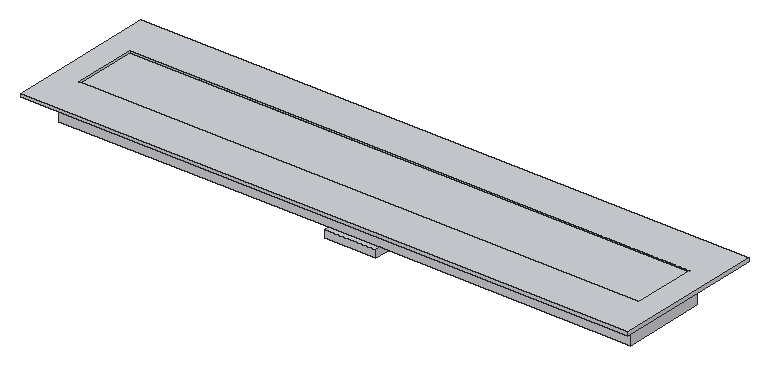
Revit family "63_PHILIPS_RC342B FLexBlend Recessed W31L125 PCV", category Lighting Fixtures, host Face, Revit 2016
Family settings
  Host = Face
  Part Type = Normal
  Round Connector Dimension = Use Diameter
  Cut with Voids When Loaded = No
  Light Source = No
  Shared = No
  Room Calculation Point = No
Parameters (values of type "Type catalog")
  Width = 309.5 mm
  Voltage (V) = 230 V
  Visibility 2D symbol [instance] = not(Visibility 2D outline)  # yes
  Visibility 2D outline [instance] = no
  Rotation XZ = 0.00°
  Rotation XY = 0.00°
  Rim height = 6 mm
  Product catalog - URL = "WEBPAGE MODEL"
  Order code = "ORDER CODE"
  Light source = 2 mm
  Light Plane to Rim ver = 90 mm
  Light Plane to Rim hor = 12 mm
  Length = 1247 mm
  Last IES update = "12-03-2019"
  Lamp type = RC342B IES Data : POE W31L125 1 xLED28S_830 MLO
  Installation space height = 150 mm
  Image = 0
  Housing Width = 171 mm
  Housing Length = 1173 mm
  Height_01 = 77 mm
  Height = 61 mm
  Fixture code = "FIXTURE CODE"
  ETIM code URL = "https://prod.etim-international.com/Class/Details?classId=EC002892&classVersion=2"
  ETIM code = "EC002892"
  Wattage Comments = ""
  URL = "http://www.lighting.philips.com/main/home"
  Type Comments = "Recessed"
  Model = "RC342B W31L125 PCV"
  Manufacturer = "Philips"
  Light loss factor = ""
  Lamp = "LAMP NAME"
  Initial luminous flux (lm) = ""
  Init. Corr. Color Temperature (K) = ""
  EOC/12nc = "12NC CODE"
  Distance to Rim ver = 80 mm
  Distance to Rim hor = (Length - Housing Length) / 2  # 37 mm
  Description = "FlexBlend"
  Default Elevation = 0 mm
  Cut out width = Width - 10 mm  # 299.5 mm
  Cut out length = Length - 10 mm  # 1237 mm
  Content version = "1.0"
  Content modified date = "25-09-2018"
  Content creation date = "25-09-2018"
  Content Creator = "https://www.cadac.com/bimcontent"
  Ceiling thickness = 12.5 mm
  BIM Library - URL = "http://www.lighting.philips.com/main/support/support/revit-library#page=1"
  Assembly Code = ""
  Apparent Load = 18 VA
Reference planes
  plane 1 "Center (Front/Back)": y = 0
  plane 2: z = 0
  plane 3 "Center (Left/Right)": x = 0
  plane 4 "Cadac Group AEC": y = 0
  plane 5 "left": x = -623.5
  plane 6 "right": x = 623.5
  plane 7 "front": y = -154.75
  plane 8 "back": y = 154.75
  plane 9 "Height Line": z = -55
  plane 10: z = 6
  plane 11: z = -162.5
  plane 12: z = -12.5
  plane 13: z = -71
  plane 14 "Light source": z = 8
Forms (mm)
  Extrusion 1, void
    sketch origin (0, 0, 0) x (1, 0, 0) y (0, 1, 0)
      loop
        line (-618.5, 149.75) -> (-618.5, -149.75) -> (618.5, -149.75) -> (618.5, 149.75) -> (-618.5, 149.75)
    from -162.5 to 0
  Extrusion 2, solid
    sketch origin (0, 0, 0) x (1, 0, 0) y (0, 1, 0)
      loop
        line (-623.5, 154.75) -> (-623.5, -154.75) -> (623.5, -154.75) -> (623.5, 154.75) -> (-623.5, 154.75)
    from 0 to 6
  Extrusion 3, solid
    sketch origin (0, 0, 0) x (1, 0, 0) y (0, 1, 0)
      loop
        line (-586.5, 70) -> (-586.5, -101) -> (586.5, -101) -> (586.5, 70) -> (-586.5, 70)
    from -55 to 0
  Extrusion 4, solid
    sketch origin (0, 0, 0) x (1, 0, 0) y (0, 1, 0)
      loop
        line (-33.388, -111.213) -> (71.612, -111.213) -> (71.612, -66.213) -> (-33.388, -66.213) -> (-33.388, -111.213)
    from -71 to -55
  Extrusion 5, void
    sketch origin (0, 0, 0) x (1, 0, 0) y (0, 1, 0)
      loop
        line (-574.5, 64.75) -> (-574.5, -64.75) -> (574.5, -64.75) -> (574.5, 64.75) -> (-574.5, 64.75)
    from 3 to 6
Cuts and joins
  Extrusion 5 cuts Extrusion 2
  Extrusion 5 cuts Extrusion 3
  joined: Extrusion 2, Extrusion 3, Extrusion 4
Dimensions and locks
  equal spacing: plane 8 "back", plane 1 "Center (Front/Back)", plane 7 "front"
  "Width": plane 7 "front" to plane 8 "back"
  "Height": plane 9 "Height Line" to plane 10
  "Rim height": host face to plane 10
  "Ceiling thickness": plane 12 to plane 2
  equal spacing: plane 5 "left", plane 3 "Center (Left/Right)", plane 6 "right"
  "Length": plane 5 "left" to plane 6 "right"
  "Cut out length": Extrusion 1 sketch curve to Extrusion 1 sketch curve
  equal spacing: Extrusion 1 sketch curve, plane 3 "Center (Left/Right)", Extrusion 1 sketch curve
  "Cut out width": Extrusion 1 sketch curve to Extrusion 1 sketch curve
  equal spacing: Extrusion 1 sketch curve, plane 1 "Center (Front/Back)", Extrusion 1 sketch curve
  "Installation space height": plane 12 to plane 11
  "Height_01": plane 13 to plane 10
  "Housing Width": Extrusion 3 sketch curve to Extrusion 3 sketch curve
  "Housing Length": Extrusion 3 sketch curve to Extrusion 3 sketch curve
  "Distance to Rim ver": nested 2 to Extrusion 3 sketch curve
  "Distance to Rim hor": Extrusion 3 sketch curve to Extrusion 2
  plane 3 "Center (Left/Right)" to Extrusion 4 = 71.612 mm
  "Light Plane to Rim hor": Extrusion 3 to Extrusion 5 sketch curve
  "Light Plane to Rim hor": Extrusion 5 sketch curve to Extrusion 3
  "Light Plane to Rim ver": Extrusion 5 sketch curve to Extrusion 2  (x2)
  "Light source": plane 14 "Light source" to cut or joined group of Extrusion 2, Extrusion 3, Extrusion 4, Extrusion 5
  aligned and locked: plane 2 to host face
  aligned and locked: level to host face
  aligned and locked: plane 4 "Cadac Group AEC" to plane 1 "Center (Front/Back)"
  aligned and locked: Extrusion 1 to plane 11
  aligned and locked: Extrusion 2 sketch curve to nested 2  (x4)
  aligned and locked: Extrusion 2 to plane 10
  aligned and locked: Extrusion 2 to level
  aligned and locked: Extrusion 3 to plane 9 "Height Line"
  aligned and locked: level to Extrusion 3
  aligned and locked: Extrusion 4 to plane 9 "Height Line"
Automatic sketch dimensions
  host sketch curve to host sketch curve = 1964.214 mm
  host sketch curve to host sketch curve = 857.588 mm
  Extrusion 4 sketch curve to plane 3 "Center (Left/Right)" = 33.388 mm
  plane 3 "Center (Left/Right)" to Extrusion 4 sketch curve = 71.612 mm
  Extrusion 4 sketch curve to plane 7 "front" = 43.537 mm
  Extrusion 4 sketch curve to Extrusion 4 sketch curve = 45 mm
Nested families
  nested 1: "PL-TL armatuur plafond rechthoekig" at (0, 0, 0), l1 <- "Length", visible <- "Visibility 2D symbol", type "armatuur tl_generiek"
    with lengte 300 mm, l1 1247 mm
  nested 2: "2D-PL-Rechthoekig" at (0, 0, 0), Width <- "Width", lengte <- "Length", visible <- "Visibility 2D outline", type "2D symbool"
    with lengte 1247 mm, Width 309.5 mm
  nested 3: "RC342B IES Data" at (0, 0, 8) x (1, 0, 0) z (0, 0, -1), type <- "Lamp type", type "POE W31L125 1 xLED28S_830 MLO"
Connectors
  electrical at (0, 0, 0), driven by "Apparent Load"
    settings: index 1, voltage 230 V, apparent load 0 VA, apparent load phase1 18 VA, apparent load phase2 0 VA, apparent load phase3 0 VA, power factor 1, load classification "Lighting", number of poles 1, system type 31, power factor state 1, is connector primary yes, connector utility no, sub classification motor no, connector description ""
Definition of nested family "PL-TL armatuur plafond rechthoekig"
  Parameters (values of type "armatuur tl_generiek")
    radius cirkel = 75 mm
    lengte [instance] = 1200 mm
    l1 [instance] = 1200 mm
    b2 = b1 * 2  # 100 mm
    b1 = 50 mm
    Type Comments = "GEEN CALCULATIEOBJECT"  # constant formula
    Manufacturer = ""
    Length lines in cirkel = (radius cirkel * 2) - 70 mm  # 80 mm
    Description = "Armatuur TL"
    Copyright © Cadac = "www.cadac.com/aec"
    Cadac content versie = "3.2"  # constant formula
    Assembly Code = ""
  Types (2, lengths in mm): name | radius cirkel | b2 | b1 | Length lines in cirkel
    armatuur tl_generiek | 75 | 100 | 50 | 80
    armatuur tl | 125 | 200 | 100 | 180
  Reference planes
    plane 1 "Center (Front/Back)": y = 0
    plane 2: z = 0
    plane 3 "Center (Left/Right)": x = 0
    plane 4: y = 50
    plane 5: y = -50
    plane 6: y = 176.777
    plane 7: x = -40
    plane 8: x = 40
    plane 9: y = -176.777
    plane 10 "Cadac Group AEC": y = 0
    plane 11: y = 400
    plane 12: y = -191.421
    plane 13: y = -206.066
    plane 14: y = -220.711
    plane 15: y = -235.355
  Lines and regions (mm)
    symbolic lines
      curve 1: circle (0, 0, 0) r 75 normal (0, 0, 1)
      curve 2: line (600, 50, 0) -> (600, -50, 0)
      curve 3: line (600, -8.333, 0) -> (74.536, -8.333, 0)
      curve 4: line (600, 8.333, 0) -> (74.536, 8.333, 0)
      curve 5: line (600, 25, 0) -> (70.711, 25, 0)
      curve 6: line (600, -25, 0) -> (70.711, -25, 0)
      curve 7: line (-600, 50, 0) -> (-600, -50, 0)
      curve 8: line (-600, -8.333, 0) -> (-74.536, -8.333, 0)
      curve 9: line (-600, 8.333, 0) -> (-74.536, 8.333, 0)
      curve 10: line (-600, 25, 0) -> (-70.711, 25, 0)
      curve 11: line (-600, -25, 0) -> (-70.711, -25, 0)
      curve 12: line (-40, 63.443, 0) -> (40, -63.443, 0)
      curve 13: line (-40, -63.443, 0) -> (40, 63.443, 0)
  Dimensions and locks
    equal spacing: curve 7, plane 3 "Center (Left/Right)", curve 2
    "l1": curve 7 to curve 2
    equal spacing: plane 5, plane 1 "Center (Front/Back)", plane 4
    equal spacing: curve 5, curve 4, curve 3, curve 6
    equal spacing: curve 5, plane 1 "Center (Front/Back)", curve 6
    "b1": curve 5 to curve 6
    equal spacing: curve 11, curve 8, curve 9, curve 10
    equal spacing: curve 11, plane 1 "Center (Front/Back)", curve 10
    "b1": curve 11 to curve 10
    "Length lines in cirkel": plane 7 to plane 8
    locked: plane 6 to plane 9 at 353.553
    equal spacing: plane 7, plane 3 "Center (Left/Right)", plane 8
    equal spacing: plane 6, plane 1 "Center (Front/Back)", plane 9
    locked: plane 1 "Center (Front/Back)" to plane 11 at 400
    equal spacing: plane 9, plane 12, plane 13, plane 14, plane 15
    locked: plane 9 to plane 15 at 58.579
    "b2": plane 5 to plane 4
    "radius cirkel": radius of curve 1
    aligned and locked: plane 4 to curve 7
    aligned and locked: plane 4 to curve 2
    aligned and locked: plane 5 to curve 2
    aligned and locked: plane 5 to curve 7
    aligned and locked: plane 10 "Cadac Group AEC" to plane 1 "Center (Front/Back)"
    aligned and locked: plane 7 to curve 12
    aligned and locked: plane 7 to curve 13
    aligned and locked: plane 8 to curve 13
    aligned and locked: plane 8 to curve 12
  Automatic sketch dimensions
    plane 1 "Center (Front/Back)" to curve 1 = 0 mm
    curve 1 to plane 3 "Center (Left/Right)" = 0 mm
Definition of nested family "2D-PL-Rechthoekig"
  Parameters (values of type "2D symbool")
    lengte [instance] = 1200 mm
    Width [instance] = 100 mm
    Type Comments = "GEEN CALCULATIEOBJECT"
    Manufacturer = ""
    Description = "Armatuur 2D symbool"
    Copyright © Cadac = "www.cadac.com/aec"
    Cadac content versie = ""
    Assembly Code = ""
  Reference planes
    plane 1 "Center (Front/Back)": y = 0
    plane 2: z = 0
    plane 3 "Center (Left/Right)": x = 0
    plane 4: y = 150
    plane 5: y = -150
    plane 6: y = 176.777
    plane 7: x = -176.777
    plane 8: x = 176.777
    plane 9: y = -176.777
    plane 10 "Cadac Group AEC": y = 0
    plane 11: y = 400
    plane 12: y = -191.421
    plane 13: y = -206.066
    plane 14: y = -220.711
    plane 15: y = -235.355
  Lines and regions (mm)
    symbolic lines
      curve 1: line (600, 50, 0) -> (600, -50, 0)
      curve 2: line (-600, 50, 0) -> (-600, -50, 0)
      curve 3: line (-600, 50, 0) -> (600, 50, 0)
      curve 4: line (-600, -50, 0) -> (600, -50, 0)
  Dimensions and locks
    equal spacing: curve 2, plane 3 "Center (Left/Right)", curve 1
    "lengte": curve 2 to curve 1
    equal spacing: plane 5, plane 1 "Center (Front/Back)", plane 4
    locked: plane 4 to plane 5 at 300
    equal spacing: curve 4, plane 1 "Center (Front/Back)", curve 3
    "Width": curve 4 to curve 3
    locked: plane 7 to plane 8 at 353.553
    locked: plane 6 to plane 9 at 353.553
    equal spacing: plane 7, plane 3 "Center (Left/Right)", plane 8
    equal spacing: plane 6, plane 1 "Center (Front/Back)", plane 9
    locked: plane 1 "Center (Front/Back)" to plane 11 at 400
    equal spacing: plane 9, plane 12, plane 13, plane 14, plane 15
    locked: plane 9 to plane 15 at 58.579
    aligned and locked: plane 10 "Cadac Group AEC" to plane 1 "Center (Front/Back)"
Definition of nested family "RC342B IES Data"
  Parameters (values of type "PSU W31L125 1 xLED42S_840 PCS")
    Wattage = 29.5 W
    built-in parameter 1150110 = 1 (stored number, unit not read)
    built-in parameter 1114217 = 1 (stored number, unit not read)
    Tilt Angle = 90.00°
    built-in parameter 1150109 = 1 (stored number, unit not read)
    built-in parameter 1150134 = 12
    built-in parameter 1150113 = 1 (stored number, unit not read)
    Photometric Web File = "RC342B PSU W31L125 1 xLED42S_840 PCS.ies"
    Model = "RC342B"
    Manufacturer = "Philips"
    built-in parameter 1150105 = 334.23 (stored number, unit not read)
    Lumens = 4200 lm
    built-in parameter 1150115 = 1 (stored number, unit not read)
    built-in parameter 1150137 = (empty or 0)
    built-in parameter 1150139 = (empty or 0)
    built-in parameter 1150112 = 1 (stored number, unit not read)
    built-in parameter 1150114 = 1 (stored number, unit not read)
    Lamp = "LED42S/840/-"
    built-in parameter 1150132 = (empty or 0)
    built-in parameter 1150102 = (empty or 0)
    built-in parameter 1150107 = 4000 (stored number, unit not read)
    built-in parameter 1150138 = (empty or 0)
    built-in parameter 1150106 = 3.3423 (stored number, unit not read)
    Emit from Rectangle Width = 117 mm
    Emit from Rectangle Length = 1120 mm
    Emit Shape Visible in Rendering = no
    built-in parameter 1150104 = 13.227 (stored number, unit not read)
    Dimming Lamp Color Temperature Shift = (empty or 0)
    Description = ""
    Default Elevation = 0 mm
    Content Creator = "https://www.cadac.com/bimcontent"
    Color Filter = 16777215
    built-in parameter 1114218 = 1 (stored number, unit not read)
    built-in parameter 1150133 = 10 (stored number, unit not read)
    Apparent Load = 29.5 VA
  Types (54, lengths in mm): name | Wattage | built-in parameter 1150134 | Photometric Web File | built-in parameter 1150105 | Lumens | Lamp | built-in parameter 1150107 | built-in parameter 1150106 | built-in parameter 1150104 | Apparent Load
    PSU W31L125 1 xLED42S_840 PCS | 29.5 W | 12 | "RC342B PSU W31L125 1 xLED42S_840 PCS.ies" | 334.23 (stored number, unit not read) | 4200 lm | "LED42S/840/-" | 4000 (stored number, unit not read) | 3.3423 (stored number, unit not read) | 13.227 (stored number, unit not read) | 29.5 VA
    PSU W31L125 1 xLED42S_840 O | 33 W | 12 | "RC342B PSU W31L125 1 xLED42S_840 O.ies" | 334.23 (stored number, unit not read) | 4200 lm | "LED42S/840/-" | 4000 (stored number, unit not read) | 3.3423 (stored number, unit not read) | 11.824 (stored number, unit not read) | 33 VA
    PSU W31L125 1 xLED42S_840 MLO | 44 W | 12 | "RC342B PSU W31L125 1 xLED42S_840 MLO.ies" | 334.23 (stored number, unit not read) | 4200 lm | "LED42S/840/-" | 4000 (stored number, unit not read) | 3.3423 (stored number, unit not read) | 8.868 (stored number, unit not read) | 44 VA
    PSU W31L125 1 xLED42S_830 PCS | 31 W | (empty or 0) | "RC342B PSU W31L125 1 xLED42S_830 PCS.ies" | 334.23 (stored number, unit not read) | 4200 lm | "LED42S/830/-" | 3000 (stored number, unit not read) | 3.3423 (stored number, unit not read) | 12.587 (stored number, unit not read) | 31 VA
    PSU W31L125 1 xLED42S_830 O | 35.5 W | (empty or 0) | "RC342B PSU W31L125 1 xLED42S_830 O.ies" | 334.23 (stored number, unit not read) | 4200 lm | "LED42S/830/-" | 3000 (stored number, unit not read) | 3.3423 (stored number, unit not read) | 10.991 (stored number, unit not read) | 35.5 VA
    PSU W31L125 1 xLED42S_830 MLO | 47.5 W | (empty or 0) | "RC342B PSU W31L125 1 xLED42S_830 MLO.ies" | 334.23 (stored number, unit not read) | 4200 lm | "LED42S/830/-" | 3000 (stored number, unit not read) | 3.3423 (stored number, unit not read) | 8.2146 (stored number, unit not read) | 47.5 VA
    PSU W31L125 1 xLED36S_840 PCS | 25 W | 12 | "RC342B PSU W31L125 1 xLED36S_840 PCS.ies" | 286.48 (stored number, unit not read) | 3600 lm | "LED36S/840/-" | 4000 (stored number, unit not read) | 2.8648 (stored number, unit not read) | 13.378 (stored number, unit not read) | 25 VA
    PSU W31L125 1 xLED36S_840 O | 28.5 W | 12 | "RC342B PSU W31L125 1 xLED36S_840 O.ies" | 286.48 (stored number, unit not read) | 3600 lm | "LED36S/840/-" | 4000 (stored number, unit not read) | 2.8648 (stored number, unit not read) | 11.735 (stored number, unit not read) | 28.5 VA
    PSU W31L125 1 xLED36S_840 MLO | 36 W | 12 | "RC342B PSU W31L125 1 xLED36S_840 MLO.ies" | 286.48 (stored number, unit not read) | 3600 lm | "LED36S/840/-" | 4000 (stored number, unit not read) | 2.8648 (stored number, unit not read) | 9.2903 (stored number, unit not read) | 36 VA
    PSU W31L125 1 xLED36S_830 PCS | 26.5 W | (empty or 0) | "RC342B PSU W31L125 1 xLED36S_830 PCS.ies" | 286.48 (stored number, unit not read) | 3600 lm | "LED36S/830/-" | 3000 (stored number, unit not read) | 2.8648 (stored number, unit not read) | 12.621 (stored number, unit not read) | 26.5 VA
    PSU W31L125 1 xLED36S_830 O | 30 W | (empty or 0) | "RC342B PSU W31L125 1 xLED36S_830 O.ies" | 286.48 (stored number, unit not read) | 3600 lm | "LED36S/830/-" | 3000 (stored number, unit not read) | 2.8648 (stored number, unit not read) | 11.148 (stored number, unit not read) | 30 VA
    PSU W31L125 1 xLED36S_830 MLO | 38.5 W | (empty or 0) | "RC342B PSU W31L125 1 xLED36S_830 MLO.ies" | 286.48 (stored number, unit not read) | 3600 lm | "LED36S/830/-" | 3000 (stored number, unit not read) | 2.8648 (stored number, unit not read) | 8.687 (stored number, unit not read) | 38.5 VA
    PSU W31L125 1 xLED28S_840 PCS | 20 W | 12 | "RC342B PSU W31L125 1 xLED28S_840 PCS.ies" | 222.82 (stored number, unit not read) | 2800 lm | "LED28S/840/-" | 4000 (stored number, unit not read) | 2.2282 (stored number, unit not read) | 13.006 (stored number, unit not read) | 20 VA
    PSU W31L125 1 xLED28S_840 O | 22 W | 12 | "RC342B PSU W31L125 1 xLED28S_840 O.ies" | 222.82 (stored number, unit not read) | 2800 lm | "LED28S/840/-" | 4000 (stored number, unit not read) | 2.2282 (stored number, unit not read) | 11.824 (stored number, unit not read) | 22 VA
    PSU W31L125 1 xLED28S_840 MLO | 28 W | 12 | "RC342B PSU W31L125 1 xLED28S_840 MLO.ies" | 222.82 (stored number, unit not read) | 2800 lm | "LED28S/840/-" | 4000 (stored number, unit not read) | 2.2282 (stored number, unit not read) | 9.2903 (stored number, unit not read) | 28 VA
    PSU W31L125 1 xLED28S_830 PCS | 21 W | (empty or 0) | "RC342B PSU W31L125 1 xLED28S_830 PCS.ies" | 222.82 (stored number, unit not read) | 2800 lm | "LED28S/830/-" | 3000 (stored number, unit not read) | 2.2282 (stored number, unit not read) | 12.387 (stored number, unit not read) | 21 VA
    PSU W31L125 1 xLED28S_830 O | 22.5 W | (empty or 0) | "RC342B PSU W31L125 1 xLED28S_830 O.ies" | 222.82 (stored number, unit not read) | 2800 lm | "LED28S/830/-" | 3000 (stored number, unit not read) | 2.2282 (stored number, unit not read) | 11.561 (stored number, unit not read) | 22.5 VA
    PSU W31L125 1 xLED28S_830 MLO | 29 W | (empty or 0) | "RC342B PSU W31L125 1 xLED28S_830 MLO.ies" | 222.82 (stored number, unit not read) | 2800 lm | "LED28S/830/-" | 3000 (stored number, unit not read) | 2.2282 (stored number, unit not read) | 8.9699 (stored number, unit not read) | 29 VA
    PSD W31L125 1 xLED42S_840 PCS | 30 W | 12 | "RC342B PSD W31L125 1 xLED42S_840 PCS.ies" | 334.23 (stored number, unit not read) | 4200 lm | "LED42S/840/-" | 4000 (stored number, unit not read) | 3.3423 (stored number, unit not read) | 13.006 (stored number, unit not read) | 30 VA
    PSD W31L125 1 xLED42S_840 O | 34 W | 12 | "RC342B PSD W31L125 1 xLED42S_840 O.ies" | 334.23 (stored number, unit not read) | 4200 lm | "LED42S/840/-" | 4000 (stored number, unit not read) | 3.3423 (stored number, unit not read) | 11.476 (stored number, unit not read) | 34 VA
    PSD W31L125 1 xLED42S_840 MLO | 44.5 W | 12 | "RC342B PSD W31L125 1 xLED42S_840 MLO.ies" | 334.23 (stored number, unit not read) | 4200 lm | "LED42S/840/-" | 4000 (stored number, unit not read) | 3.3423 (stored number, unit not read) | 8.7684 (stored number, unit not read) | 44.5 VA
    PSD W31L125 1 xLED42S_830 PCS | 31 W | (empty or 0) | "RC342B PSD W31L125 1 xLED42S_830 PCS.ies" | 334.23 (stored number, unit not read) | 4200 lm | "LED42S/830/-" | 3000 (stored number, unit not read) | 3.3423 (stored number, unit not read) | 12.587 (stored number, unit not read) | 31 VA
    PSD W31L125 1 xLED42S_830 O | 36 W | (empty or 0) | "RC342B PSD W31L125 1 xLED42S_830 O.ies" | 334.23 (stored number, unit not read) | 4200 lm | "LED42S/830/-" | 3000 (stored number, unit not read) | 3.3423 (stored number, unit not read) | 10.839 (stored number, unit not read) | 36 VA
    PSD W31L125 1 xLED42S_830 MLO | 47.5 W | (empty or 0) | "RC342B PSD W31L125 1 xLED42S_830 MLO.ies" | 334.23 (stored number, unit not read) | 4200 lm | "LED42S/830/-" | 3000 (stored number, unit not read) | 3.3423 (stored number, unit not read) | 8.2146 (stored number, unit not read) | 47.5 VA
    PSD W31L125 1 xLED36S_840 PCS | 25 W | 12 | "RC342B PSD W31L125 1 xLED36S_840 PCS.ies" | 286.48 (stored number, unit not read) | 3600 lm | "LED36S/840/-" | 4000 (stored number, unit not read) | 2.8648 (stored number, unit not read) | 13.378 (stored number, unit not read) | 25 VA
    PSD W31L125 1 xLED36S_840 O | 29 W | 12 | "RC342B PSD W31L125 1 xLED36S_840 O.ies" | 286.48 (stored number, unit not read) | 3600 lm | "LED36S/840/-" | 4000 (stored number, unit not read) | 2.8648 (stored number, unit not read) | 11.533 (stored number, unit not read) | 29 VA
    PSD W31L125 1 xLED36S_840 MLO | 37 W | 12 | "RC342B PSD W31L125 1 xLED36S_840 MLO.ies" | 286.48 (stored number, unit not read) | 3600 lm | "LED36S/840/-" | 4000 (stored number, unit not read) | 2.8648 (stored number, unit not read) | 9.0392 (stored number, unit not read) | 37 VA
    PSD W31L125 1 xLED36S_830 PCS | 26.5 W | (empty or 0) | "RC342B PSD W31L125 1 xLED36S_830 PCS.ies" | 286.48 (stored number, unit not read) | 3600 lm | "LED36S/830/-" | 3000 (stored number, unit not read) | 2.8648 (stored number, unit not read) | 12.621 (stored number, unit not read) | 26.5 VA
    PSD W31L125 1 xLED36S_830 O | 30.5 W | (empty or 0) | "RC342B PSD W31L125 1 xLED36S_830 O.ies" | 286.48 (stored number, unit not read) | 3600 lm | "LED36S/830/-" | 3000 (stored number, unit not read) | 2.8648 (stored number, unit not read) | 10.966 (stored number, unit not read) | 30.5 VA
    PSD W31L125 1 xLED36S_830 MLO | 39 W | (empty or 0) | "RC342B PSD W31L125 1 xLED36S_830 MLO.ies" | 286.48 (stored number, unit not read) | 3600 lm | "LED36S/830/-" | 3000 (stored number, unit not read) | 2.8648 (stored number, unit not read) | 8.5757 (stored number, unit not read) | 39 VA
    PSD W31L125 1 xLED28S_840 PCS | 20 W | 12 | "RC342B PSD W31L125 1 xLED28S_840 PCS.ies" | 222.82 (stored number, unit not read) | 2800 lm | "LED28S/840/-" | 4000 (stored number, unit not read) | 2.2282 (stored number, unit not read) | 13.006 (stored number, unit not read) | 20 VA
    PSD W31L125 1 xLED28S_840 O | 22.5 W | 12 | "RC342B PSD W31L125 1 xLED28S_840 O.ies" | 222.82 (stored number, unit not read) | 2800 lm | "LED28S/840/-" | 4000 (stored number, unit not read) | 2.2282 (stored number, unit not read) | 11.561 (stored number, unit not read) | 22.5 VA
    PSD W31L125 1 xLED28S_840 MLO | 28 W | 12 | "RC342B PSD W31L125 1 xLED28S_840 MLO.ies" | 222.82 (stored number, unit not read) | 2800 lm | "LED28S/840/-" | 4000 (stored number, unit not read) | 2.2282 (stored number, unit not read) | 9.2903 (stored number, unit not read) | 28 VA
    PSD W31L125 1 xLED28S_830 PCS | 20.5 W | (empty or 0) | "RC342B PSD W31L125 1 xLED28S_830 PCS.ies" | 222.82 (stored number, unit not read) | 2800 lm | "LED28S/830/-" | 3000 (stored number, unit not read) | 2.2282 (stored number, unit not read) | 12.689 (stored number, unit not read) | 20.5 VA
    PSD W31L125 1 xLED28S_830 O | 23.5 W | (empty or 0) | "RC342B PSD W31L125 1 xLED28S_830 O.ies" | 222.82 (stored number, unit not read) | 2800 lm | "LED28S/830/-" | 3000 (stored number, unit not read) | 2.2282 (stored number, unit not read) | 11.069 (stored number, unit not read) | 23.5 VA
    PSD W31L125 1 xLED28S_830 MLO | 29.5 W | (empty or 0) | "RC342B PSD W31L125 1 xLED28S_830 MLO.ies" | 222.82 (stored number, unit not read) | 2800 lm | "LED28S/830/-" | 3000 (stored number, unit not read) | 2.2282 (stored number, unit not read) | 8.8179 (stored number, unit not read) | 29.5 VA
    POE W31L125 1 xLED42S_840 PCS | 30 W | 12 | "RC342B POE W31L125 1 xLED42S_840 PCS.ies" | 334.23 (stored number, unit not read) | 4200 lm | "LED42S/840/-" | 4000 (stored number, unit not read) | 3.3423 (stored number, unit not read) | 13.006 (stored number, unit not read) | 30 VA
    POE W31L125 1 xLED42S_840 O | 34 W | 12 | "RC342B POE W31L125 1 xLED42S_840 O.ies" | 334.23 (stored number, unit not read) | 4200 lm | "LED42S/840/-" | 4000 (stored number, unit not read) | 3.3423 (stored number, unit not read) | 11.476 (stored number, unit not read) | 34 VA
    POE W31L125 1 xLED42S_840 MLO | 44.5 W | 12 | "RC342B POE W31L125 1 xLED42S_840 MLO.ies" | 334.23 (stored number, unit not read) | 4200 lm | "LED42S/840/-" | 4000 (stored number, unit not read) | 3.3423 (stored number, unit not read) | 8.7684 (stored number, unit not read) | 44.5 VA
    POE W31L125 1 xLED42S_830 PCS | 31 W | (empty or 0) | "RC342B POE W31L125 1 xLED42S_830 PCS.ies" | 334.23 (stored number, unit not read) | 4200 lm | "LED42S/830/-" | 3000 (stored number, unit not read) | 3.3423 (stored number, unit not read) | 12.587 (stored number, unit not read) | 31 VA
    POE W31L125 1 xLED42S_830 O | 36 W | (empty or 0) | "RC342B POE W31L125 1 xLED42S_830 O.ies" | 334.23 (stored number, unit not read) | 4200 lm | "LED42S/830/-" | 3000 (stored number, unit not read) | 3.3423 (stored number, unit not read) | 10.839 (stored number, unit not read) | 36 VA
    POE W31L125 1 xLED42S_830 MLO | 47.5 W | (empty or 0) | "RC342B POE W31L125 1 xLED42S_830 MLO.ies" | 334.23 (stored number, unit not read) | 4200 lm | "LED42S/830/-" | 3000 (stored number, unit not read) | 3.3423 (stored number, unit not read) | 8.2146 (stored number, unit not read) | 47.5 VA
    POE W31L125 1 xLED36S_840 PCS | 25 W | 12 | "RC342B POE W31L125 1 xLED36S_840 PCS.ies" | 286.48 (stored number, unit not read) | 3600 lm | "LED36S/840/-" | 4000 (stored number, unit not read) | 2.8648 (stored number, unit not read) | 13.378 (stored number, unit not read) | 25 VA
    POE W31L125 1 xLED36S_840 O | 29 W | 12 | "RC342B POE W31L125 1 xLED36S_840 O.ies" | 286.48 (stored number, unit not read) | 3600 lm | "LED36S/840/-" | 4000 (stored number, unit not read) | 2.8648 (stored number, unit not read) | 11.533 (stored number, unit not read) | 29 VA
    POE W31L125 1 xLED36S_840 MLO | 37 W | 12 | "RC342B POE W31L125 1 xLED36S_840 MLO.ies" | 286.48 (stored number, unit not read) | 3600 lm | "LED36S/840/-" | 4000 (stored number, unit not read) | 2.8648 (stored number, unit not read) | 9.0392 (stored number, unit not read) | 37 VA
    POE W31L125 1 xLED36S_830 PCS | 26.5 W | (empty or 0) | "RC342B POE W31L125 1 xLED36S_830 PCS.ies" | 286.48 (stored number, unit not read) | 3600 lm | "LED36S/830/-" | 3000 (stored number, unit not read) | 2.8648 (stored number, unit not read) | 12.621 (stored number, unit not read) | 26.5 VA
    POE W31L125 1 xLED36S_830 O | 30.5 W | (empty or 0) | "RC342B POE W31L125 1 xLED36S_830 O.ies" | 286.48 (stored number, unit not read) | 3600 lm | "LED36S/830/-" | 3000 (stored number, unit not read) | 2.8648 (stored number, unit not read) | 10.966 (stored number, unit not read) | 30.5 VA
    POE W31L125 1 xLED36S_830 MLO | 39 W | (empty or 0) | "RC342B POE W31L125 1 xLED36S_830 MLO.ies" | 286.48 (stored number, unit not read) | 3600 lm | "LED36S/830/-" | 3000 (stored number, unit not read) | 2.8648 (stored number, unit not read) | 8.5757 (stored number, unit not read) | 39 VA
    POE W31L125 1 xLED28S_840 PCS | 20 W | 12 | "RC342B POE W31L125 1 xLED28S_840 PCS.ies" | 222.82 (stored number, unit not read) | 2800 lm | "LED28S/840/-" | 4000 (stored number, unit not read) | 2.2282 (stored number, unit not read) | 13.006 (stored number, unit not read) | 20 VA
    POE W31L125 1 xLED28S_840 O | 22.5 W | 12 | "RC342B POE W31L125 1 xLED28S_840 O.ies" | 222.82 (stored number, unit not read) | 2800 lm | "LED28S/840/-" | 4000 (stored number, unit not read) | 2.2282 (stored number, unit not read) | 11.561 (stored number, unit not read) | 22.5 VA
    POE W31L125 1 xLED28S_840 MLO | 28 W | 12 | "RC342B POE W31L125 1 xLED28S_840 MLO.ies" | 222.82 (stored number, unit not read) | 2800 lm | "LED28S/840/-" | 4000 (stored number, unit not read) | 2.2282 (stored number, unit not read) | 9.2903 (stored number, unit not read) | 28 VA
    POE W31L125 1 xLED28S_830 PCS | 20.5 W | (empty or 0) | "RC342B POE W31L125 1 xLED28S_830 PCS.ies" | 222.82 (stored number, unit not read) | 2800 lm | "LED28S/830/-" | 3000 (stored number, unit not read) | 2.2282 (stored number, unit not read) | 12.689 (stored number, unit not read) | 20.5 VA
    POE W31L125 1 xLED28S_830 O | 23.5 W | (empty or 0) | "RC342B POE W31L125 1 xLED28S_830 O.ies" | 222.82 (stored number, unit not read) | 2800 lm | "LED28S/830/-" | 3000 (stored number, unit not read) | 2.2282 (stored number, unit not read) | 11.069 (stored number, unit not read) | 23.5 VA
    POE W31L125 1 xLED28S_830 MLO | 29.5 W | (empty or 0) | "RC342B POE W31L125 1 xLED28S_830 MLO.ies" | 222.82 (stored number, unit not read) | 2800 lm | "LED28S/830/-" | 3000 (stored number, unit not read) | 2.2282 (stored number, unit not read) | 8.8179 (stored number, unit not read) | 29.5 VA
  Reference planes
    plane 1 "Center (Front/Back)": y = 0
    plane 2: z = 0
    plane 3 "Center (Left/Right)": x = 0
  Forms (mm)
    Extrusion 1, solid
      sketch origin (0, 0, 0) x (1, 0, 0) y (0, 1, 0)
        loop
          line (-1219.2, 1219.2) -> (-1219.2, -1219.2) -> (1219.2, -1219.2) -> (1219.2, 1219.2) -> (-1219.2, 1219.2)
      from 0 to 123.942
  Dimensions and locks
    aligned and locked: plane 2 to Extrusion 1
    aligned and locked: level to Extrusion 1
